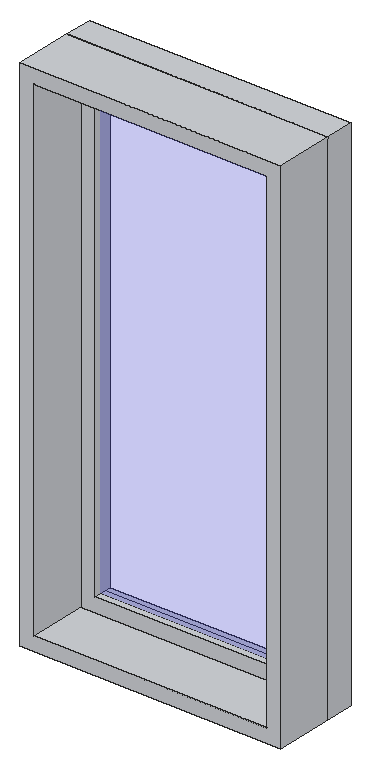
Revit family "固定窗", category 窗, Revit 2018
Family settings
  主体 = 墙
  总是垂直 = 是
  加载时剪切的空心 = 否
  共享 = 否
  房间计算点 = 否
Parameters (values of type "600 x 1200mm")
  Visual Light Transmittance = 0.9
  Solar Heat Gain Coefficient = 0.86
  Rough Width = 宽度  # 600.00 mm
  Rough Height = 高度  # 1200.00 mm
  构造类型 ID = ""
  高窗平面 [instance] = not(通用窗平面)  # no
  传热系数(U) = 5.5617 W/(m²·K)
  玻璃 = none
  高度 = 1200.00 mm
  框架材质 = none
  通用窗平面 [instance] = yes
  默认窗台高度 = 900.00 mm
  墙闭合 = 按主体
  宽度 = 600.00 mm
  窗嵌入 = 20.00 mm
  分析构造 = 大型单层玻璃窗
Reference planes
  plane 1 "中心(前/后)": y = 0
  plane 2: z = 0
  plane 3 "中心(左/右)": x = -38.1
  plane 4 "左": x = -338.1
  plane 5 "右": x = 261.9
  plane 6 "窗台": z = 900
  plane 7 "顶部": z = 2100
  plane 8 "外部": y = 100
  plane 9 "内部": y = -100
  plane 10: y = 80
  plane 11: x = -319.05
  plane 12: x = -306.35
  plane 13: x = 242.85
  plane 14: x = 230.15
  plane 15: z = 2080.95
  plane 16: z = 2068.25
  plane 17: z = 931.75
  plane 18 "隔板": y = 52.425
  plane 19: y = 20
  plane 20: y = -20
Forms (mm)
  Extrusion 1, solid, material <- "框架材质"
    sketch origin (0, 0, 0) x (1, 0, 0) y (0, 0, 1)
      loop
        line (-338.1, 2100) -> (-338.1, 900) -> (261.9, 900) -> (261.9, 2100) -> (-338.1, 2100)
      loop
        line (-319.05, 2080.95) -> (-319.05, 919.05) -> (242.85, 919.05) -> (242.85, 2080.95) -> (-319.05, 2080.95)
    from -100 to -35.55
  Extrusion 2, solid, material <- "框架材质"
    sketch origin (0, 0, 0) x (-1, 0, 0) y (0, 0, 1)
      loop
        line (-261.9, 2100) -> (-261.9, 900) -> (338.1, 900) -> (338.1, 2100) -> (-261.9, 2100)
      loop
        line (-230.15, 2068.25) -> (-230.15, 931.75) -> (306.35, 931.75) -> (306.35, 2068.25) -> (-230.15, 2068.25)
    from 35.55 to -100
  Extrusion 3, solid, material <- "框架材质"
    sketch origin (0, 0, 0) x (-1, 0, 0) y (0, 0, 1)
      loop
        line (-242.85, 2080.95) -> (-242.85, 919.05) -> (319.05, 919.05) -> (319.05, 2080.95) -> (-242.85, 2080.95)
      loop
        line (-198.4, 2036.5) -> (-198.4, 963.5) -> (274.6, 963.5) -> (274.6, 2036.5) -> (-198.4, 2036.5)
    from 35.55 to 80
  Extrusion 4, solid, material <- "玻璃"
    sketch origin (-124.971, 0, -117.036) x (1, 0, 0) y (0, 0, 1)
      loop
        line (-149.629, 2153.536) -> (-149.629, 1080.536) -> (323.371, 1080.536) -> (323.371, 2153.536) -> (-149.629, 2153.536)
    from -64.125 to -51.425
Lines and regions (mm)
  Opening 1
    outline origin (-1524, -100, 0) x (1, 0, 0) y (0, 0, 1)
      loop
        line (1185.9, 2100) -> (1185.9, 900) -> (1785.9, 900) -> (1785.9, 2100) -> (1185.9, 2100)
  Masking region 1, visible <- "通用窗平面"
    outline origin (0, 0, 0) x (1, 0, 0) y (0, 1, 0)
      loop
        line (-338.1, 100) -> (-338.1, -100) -> (261.9, -100) -> (261.9, 100) -> (-338.1, 100)
  Masking region 2
    outline origin (-38.1, 0, 0) x (0, 1, 0) y (0, 0, 1)
      loop
        line (-100, 2100) -> (-100, 900) -> (100, 900) -> (100, 2100) -> (-100, 2100)
  symbolic lines, style "平/剖面打开方向 - 实线", visible <- "通用窗平面"
    curve 1: line (-338.1, 100, 0) -> (261.9, 100, 0)
    curve 2: line (-338.1, -100, 0) -> (-338.1, 100, 0)
    curve 3: line (261.9, -100, 0) -> (-338.1, -100, 0)
    curve 4: line (261.9, 100, 0) -> (261.9, -100, 0)
    curve 5: line (-338.1, 20, 0) -> (261.9, 20, 0)
    curve 6: line (261.9, -20, 0) -> (-338.1, -20, 0)
  symbolic lines, style "平面打开方向 - 划线", visible <- "高窗平面"
    curve 7: line (-338.1, 20, 0) -> (261.9, 20, 0)
    curve 8: line (261.9, -20, 0) -> (-338.1, -20, 0)
    curve 9: line (-338.1, 100, 0) -> (-338.1, -100, 0)
    curve 10: line (261.9, 100, 0) -> (261.9, -100, 0)
  symbolic lines, style "平/剖面打开方向 - 实线"
    curve 11: line (-38.1, -100, 2100) -> (-38.1, 100, 2100)
    curve 12: line (-38.1, -100, 900) -> (-38.1, -100, 2100)
    curve 13: line (-38.1, 100, 900) -> (-38.1, -100, 900)
    curve 14: line (-38.1, 100, 2100) -> (-38.1, 100, 900)
    curve 15: line (-38.1, -20, 2100) -> (-38.1, -20, 900)
    curve 16: line (-38.1, 20, 900) -> (-38.1, 20, 2100)
Text (mm)
  text "EXTERIOR" at (-1437.207, 1354.346, 0), in view "参照标高"
  text "INTERIOR" at (-1490.695, -895.805, 0), in view "参照标高"
  text "Exterior" at (0, 1108.87, 3415.022), in view "左"
  text "Exterior" at (0, 464.664, 3176.206), in view "右"
Dimensions and locks
  equal spacing: plane 4 "左", plane 3 "中心(左/右)", plane 5 "右"
  "宽度": plane 4 "左" to plane 5 "右"
  "窗嵌入": plane 8 "外部" to plane 10
  locked: plane 10 to Extrusion 3 at 44.45
  locked: plane 10 to Extrusion 4 at 15.875
  locked: Extrusion 4 to Extrusion 4 at 12.7
  locked: plane 4 "左" to plane 11 at 19.05
  locked: plane 13 to plane 5 "右" at 19.05
  locked: plane 14 to plane 5 "右" at 31.75
  locked: plane 4 "左" to plane 12 at 31.75
  locked: plane 15 to plane 7 "顶部" at 19.05
  locked: plane 7 "顶部" to plane 16 at 31.75
  "高度": plane 7 "顶部" to plane 6 "窗台"
  "默认窗台高度": plane 6 "窗台" to plane 2
  locked: plane 18 "隔板" to plane 8 "外部" at 47.575
  locked: plane 19 to plane 1 "中心(前/后)" at 20
  locked: plane 1 "中心(前/后)" to plane 20 at 20
  locked: plane 17 to plane 6 "窗台" at 31.75
  aligned and locked: plane 7 "顶部" to Opening 1 sketch curve
  aligned and locked: plane 6 "窗台" to Opening 1 sketch curve  (x2)
  aligned and locked: plane 5 "右" to Opening 1 sketch curve
  aligned and locked: plane 4 "左" to Opening 1 sketch curve
  aligned and locked: plane 9 "内部" to host wall
  aligned and locked: host wall to Extrusion 2
  aligned and locked: plane 10 to Extrusion 3
  aligned and locked: plane 8 "外部" to host wall
  aligned and locked: host wall to Extrusion 1
  aligned and locked: Extrusion 2 to Extrusion 1
  aligned and locked: Extrusion 1 to Extrusion 3
  aligned and locked: Extrusion 4 sketch curve to Extrusion 3  (x4)
  aligned and locked: Masking region 1 sketch curve to host wall  (x4)
  aligned and locked: curve 1 to host wall
  aligned and locked: curve 2 to host wall
  aligned and locked: curve 3 to host wall
  aligned and locked: curve 5 to plane 19
  aligned and locked: plane 20 to curve 6
  aligned and locked: plane 4 "左" to curve 9
  aligned and locked: plane 5 "右" to curve 10
  aligned and locked: curve 7 to plane 19
  aligned and locked: plane 20 to curve 8
  aligned and locked: Masking region 2 sketch curve to host wall  (x4)
  aligned and locked: curve 11 to host wall
  aligned and locked: curve 12 to host wall
  aligned and locked: curve 13 to host wall
  aligned and locked: curve 14 to host wall
  aligned and locked: curve 15 to plane 20
  aligned and locked: plane 19 to curve 16
Automatic sketch dimensions
  Extrusion 1 sketch curve to plane 4 "左" = 0.00 mm
  Extrusion 1 sketch curve to plane 5 "右" = 0.00 mm
  Extrusion 1 sketch curve to plane 4 "左" = 19.05 mm
  plane 5 "右" to Extrusion 1 sketch curve = 19.05 mm
  Extrusion 1 sketch curve to plane 6 "窗台" = 0.00 mm
  Extrusion 1 sketch curve to plane 7 "顶部" = 0.00 mm
  Extrusion 1 sketch curve to plane 6 "窗台" = 19.05 mm
  plane 7 "顶部" to Extrusion 1 sketch curve = 19.05 mm
  Extrusion 2 sketch curve to plane 5 "右" = 0.00 mm
  Extrusion 2 sketch curve to plane 4 "左" = 0.00 mm
  plane 5 "右" to Extrusion 2 sketch curve = 31.75 mm
  Extrusion 2 sketch curve to plane 4 "左" = 31.75 mm
  Extrusion 2 sketch curve to plane 6 "窗台" = 0.00 mm
  Extrusion 2 sketch curve to plane 7 "顶部" = 0.00 mm
  Extrusion 2 sketch curve to plane 6 "窗台" = 31.75 mm
  plane 7 "顶部" to Extrusion 2 sketch curve = 31.75 mm
  plane 5 "右" to Extrusion 3 sketch curve = 19.05 mm
  plane 5 "右" to Extrusion 3 sketch curve = 63.50 mm
  Extrusion 3 sketch curve to plane 4 "左" = 63.50 mm
  Extrusion 3 sketch curve to plane 4 "左" = 19.05 mm
  Extrusion 3 sketch curve to plane 6 "窗台" = 19.05 mm
  Extrusion 3 sketch curve to plane 6 "窗台" = 63.50 mm
  plane 7 "顶部" to Extrusion 3 sketch curve = 63.50 mm
  plane 7 "顶部" to Extrusion 3 sketch curve = 19.05 mm
